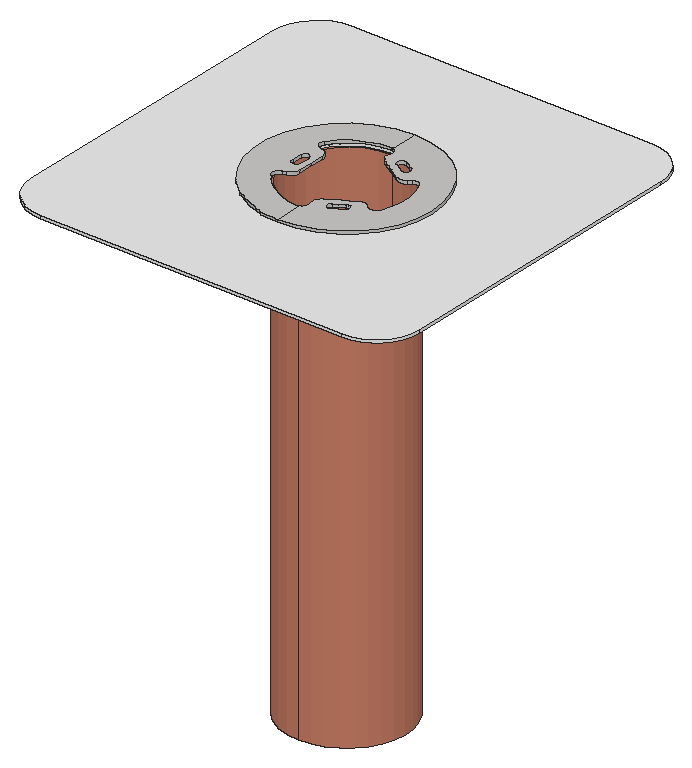
Revit family "Plumbing_Drainage_Menzies-Metal_Clamp-Tite_Overflow-Scupper-Drain_TPO", category Plumbing Fixtures, host Face, Revit 2018
Family settings
  Host = Face
  Round Connector Dimension = Use Diameter
  Part Type = Normal
  OmniClass Number = 23.70.50.21.24.11
  OmniClass Title = Roof Waste Water Drains
  Cut with Voids When Loaded = No
  Shared = No
  Room Calculation Point = No
Parameters (values of type "3"")
  Weight = 2.10 lbf
  URL = "https://www.menzies-metal.com/tpo-products/clamp-tite-overflow-scupper-drain-tpo/"
  Product data url = "https://www.bimobject.com/menzies-metal/product/clamptite-overflow-scupper-drain-tpo"
  Product Material = Metal - Menzies Metal Products - Copper
  Product Guid = "ea79d50d-b752-4271-8b4b-809d51799292"
  Pipe Length Note = "Longer pipes available.  Pipes can be field cut to the desired length."  # constant formula
  Pipe Length = 11"
  Pipe Diameter = 2 3/4"
  Model = "300-3170TPO"
  Manufacturer = "Menzies Metal Products"  # constant formula
  Edition number = 1
  Drain Flow = 0 GPM
  Description = "Clamp-Tite Overflow Scupper Drain TPO"  # constant formula
  Default Elevation = 48"
  Assembly Code = "D2040200"
Reference planes (in)
  plane 1 "Center (Front/Back)": y = 0
  plane 2: z = 0
  plane 3 "Center (Left/Right)": x = 0
  plane 4: z = -11
  plane 5: y = 1.375
  plane 6: y = -1.375
  plane 7: z = 0
  plane 8: z = 0.05867
  plane 9: z = -0.2
  plane 10: z = -0.2
  plane 11: y = 4.5
  plane 12: x = 4.5
  plane 13: y = -4.5
  plane 14: x = -4.5
Forms (in)
  Revolve 1, solid, material "Metal - Menzies Metal Products - Copper" <- "Product Material", detail levels coarse
    sketch origin (0, 0, 0) x (0, 1, 0) y (0, 0, 1)
      loop
        line (0, 0.05867) -> (0, -11) -> (1.375, -11) -> (1.375, 0.05867) -> (0, 0.05867)
      axis (0, 0.05867) -> (0, -11)
    angle from 0 to 360
  Revolve 2, solid, material "Metal - Menzies Metal Products - Copper" <- "Product Material", detail levels medium+fine
    sketch origin (0, 0, 0) x (0, 1, 0) y (0, 0, 1)
      loop
        line (1.375, -0.2) -> (1.575, 0) -> (1.32422, 0) -> (1.32422, -11) -> (1.375, -11) -> (1.375, -0.2)
      axis (0, 0) -> (0, -11)
    angle from 0 to 360
  Revolve 3, void
    sketch origin (0, 0, 0) x (0, 1, 0) y (0, 0, 1)
      loop
        line (1.375, -11) -> (1.375, -0.2) -> (1.575, 0) -> (0, 0) -> (0, -11) -> (1.375, -11)
      axis (0, 0) -> (0, -11)
    angle from 0 to 360
  Revolve 4, solid, material "Metal - Menzies Metal Products - Stainless Steel", detail levels medium+fine
    sketch origin (0, 0, 0) x (0, 1, 0) y (0, 0, 1)
      loop
        line (0, 0.05867) -> (2, 0.05867) -> (2, 0.11968) -> (0, 0.11968) -> (0, 0.05867)
      axis (0, 0.11968) -> (0, 0.05867)
    angle from 0 to 360
  Revolve 5, solid, material "Metal - Menzies Metal Products - Stainless Steel", detail levels coarse
    sketch origin (0, 0, 0) x (1, 0, 0) y (0, 0, 1)
      loop
        line (0, 0.05867) -> (0, 0.11968) -> (-2, 0.11968) -> (-2, 0.05867) -> (0, 0.05867)
      axis (0, 0.11968) -> (0, 0.05867)
    angle from 0 to 360
  Revolve 6, solid, material "Metal - Menzies Metal Products - Stainless Steel", detail levels coarse
    sketch origin (0, 0, 0) x (1, 0, 0) y (0, 0, 1)
      loop
        line (0, 0.05867) -> (0, 0.11968) -> (-2, 0.11968) -> (-2, 0.05867) -> (0, 0.05867)
      axis (0, 0.11968) -> (0, 0.05867)
    angle from 0 to 360
  Extrusion 7, void
    sketch origin (0, 0, 0.11968) x (0, 1, 0) y (-1, 0, 0)
      loop
        arc (1.37419, 0.04732) -> (1.20478, 0.66267) -> (0.77579, 1.13524) r 1.375
        arc (0.77579, 1.13524) -> (0.64269, 1.15335) -> (0.54846, 1.05761) r 0.15
        line (0.54846, 1.05761) -> (0.51606, 0.95759)
        arc (0.51606, 0.95759) -> (0.44343, 0.85747) -> (0.32579, 0.81921) r 0.2
        line (0.32579, 0.81921) -> (0, 0.81921) -> (-0.32772, 0.81921)
        arc (-0.32772, 0.81921) -> (-0.44587, 0.85784) -> (-0.51838, 0.9588) r 0.2
        line (-0.51838, 0.9588) -> (-0.54919, 1.05601)
        arc (-0.54919, 1.05601) -> (-0.64333, 1.15252) -> (-0.77693, 1.13446) r 0.15
        arc (-0.77693, 1.13446) -> (-1.20511, 0.66207) -> (-1.37419, 0.04732) r 1.375
        arc (-1.37419, 0.04732) -> (-1.31766, -0.07522) -> (-1.18555, -0.10275) r 0.15
        line (-1.18555, -0.10275) -> (-1.12753, -0.08725)
        arc (-1.12753, -0.08725) -> (-1.00179, -0.09471) -> (-0.90545, -0.17584) r 0.2
        line (-0.90545, -0.17584) -> (-0.73639, -0.45125) -> (-0.56944, -0.72322)
        arc (-0.56944, -0.72322) -> (-0.54057, -0.84433) -> (-0.58895, -0.95906) r 0.2
        line (-0.58895, -0.95906) -> (-0.63369, -1.01052)
        arc (-0.63369, -1.01052) -> (-0.66724, -1.13993) -> (-0.58421, -1.24472) r 0.15
        arc (-0.58421, -1.24472) -> (0, -1.375) -> (0.58421, -1.24472) r 1.375
        arc (0.58421, -1.24472) -> (0.66724, -1.13993) -> (0.63369, -1.01052) r 0.15
        line (0.63369, -1.01052) -> (0.58895, -0.95906)
        arc (0.58895, -0.95906) -> (0.54057, -0.84433) -> (0.56944, -0.72322) r 0.2
        line (0.56944, -0.72322) -> (0.73639, -0.45125) -> (0.90545, -0.17584)
        arc (0.90545, -0.17584) -> (1.00179, -0.09471) -> (1.12753, -0.08725) r 0.2
        line (1.12753, -0.08725) -> (1.18555, -0.10275)
        arc (1.18555, -0.10275) -> (1.31766, -0.07522) -> (1.37419, 0.04732) r 0.15
      loop
        line (0.93215, -0.41953) -> (0.79872, -0.63664)
        arc (0.79872, -0.63664) -> (0.83153, -0.77394) -> (0.96881, -0.74105) r 0.09979
        line (0.96881, -0.74105) -> (1.09644, -0.53286)
        arc (1.09644, -0.53286) -> (1.07096, -0.39406) -> (0.93215, -0.41953) r 0.09979
      loop
        arc (-0.93215, -0.41953) -> (-1.07096, -0.39406) -> (-1.09644, -0.53286) r 0.09979
        line (-1.09644, -0.53286) -> (-0.96881, -0.74105)
        arc (-0.96881, -0.74105) -> (-0.83153, -0.77394) -> (-0.79872, -0.63664) r 0.09979
        line (-0.79872, -0.63664) -> (-0.93215, -0.41953)
      loop
        line (-0.13105, 0.95861) -> (0.12378, 0.95841)
        arc (0.12378, 0.95841) -> (0.22365, 1.05818) -> (0.12382, 1.15799) r 0.09979
        line (0.12382, 1.15799) -> (-0.12037, 1.1579)
        arc (-0.12037, 1.1579) -> (-0.22536, 1.0636) -> (-0.13105, 0.95861) r 0.09979
    from -0.06101 to 0.84689
  Extrusion 8, solid, material "Metal - Menzies Metal Products - Copper TPO Coated", detail levels medium+fine
    sketch origin (0, 0, 0) x (1, 0, 0) y (0, 1, 0)
      loop
        arc (-3.5, 4.5) -> (-4.20711, 4.20711) -> (-4.5, 3.5) r 1
        line (-4.5, 3.5) -> (-4.5, -3.5)
        arc (-4.5, -3.5) -> (-4.20711, -4.20711) -> (-3.5, -4.5) r 1
        line (-3.5, -4.5) -> (3.5, -4.5)
        arc (3.5, -4.5) -> (4.20711, -4.20711) -> (4.5, -3.5) r 1
        line (4.5, -3.5) -> (4.5, 3.5)
        arc (4.5, 3.5) -> (4.20711, 4.20711) -> (3.5, 4.5) r 1
        line (3.5, 4.5) -> (-3.5, 4.5)
      loop
        circle (0, 0) r 1.375
    from 0 to 0.05867
  Revolve 9, solid, material "Metal - Menzies Metal Products - Copper", detail levels coarse
    sketch origin (0, 0, 0) x (1, 0, 0) y (0, 0, 1)
      loop
        line (0, 0) -> (-1.375, 0) -> (-1.375, -11) -> (0, -11) -> (0, 0)
      axis (0, 0) -> (0, -11)
    angle from 0 to 360
  Extrusion 10, solid, material "Metal - Menzies Metal Products - Copper TPO Coated", detail levels coarse
    sketch origin (0, 0, 0) x (1, 0, 0) y (0, 1, 0)
      loop
        line (-4.5, 4.5) -> (-4.5, -4.5) -> (4.5, -4.5) -> (4.5, 4.5) -> (-4.5, 4.5)
    from 0 to 0.05867
Cuts and joins
  Extrusion 7 cuts Revolve 4
Lines and regions (in)
  Masking region 1, detail levels medium+fine
    outline origin (0, 0, 0) x (1, 0, 0) y (0, 1, 0)
      loop
        arc (-3.5, 4.5) -> (-4.20711, 4.20711) -> (-4.5, 3.5) r 1
        line (-4.5, 3.5) -> (-4.5, -3.5)
        arc (-4.5, -3.5) -> (-4.20711, -4.20711) -> (-3.5, -4.5) r 1
        line (-3.5, -4.5) -> (3.5, -4.5)
        arc (3.5, -4.5) -> (4.20711, -4.20711) -> (4.5, -3.5) r 1
        line (4.5, -3.5) -> (4.5, 3.5)
        arc (4.5, 3.5) -> (4.20711, 4.20711) -> (3.5, 4.5) r 1
        line (3.5, 4.5) -> (-3.5, 4.5)
  Masking region 2, detail levels coarse
    outline origin (0, 0, 0) x (1, 0, 0) y (0, 1, 0)
      loop
        line (-4.5, 4.5) -> (-4.5, -4.5) -> (4.5, -4.5) -> (4.5, 4.5) -> (-4.5, 4.5)
  symbolic lines
    curve 1: arc (-2, 0, 0) -> (0, 2, 0) -> (2, 0, 0) r 2
    curve 2: arc (2, 0, 0) -> (0, -2, 0) -> (-2, 0, 0) r 2
  symbolic lines, detail levels medium+fine
    curve 3: arc (-1.13446, -0.77693, 0) -> (-0.66207, -1.20511, 0) -> (-0.04732, -1.37419, 0) r 1.375
    curve 4: arc (-0.04732, -1.37419, 0) -> (0.07522, -1.31766, 0) -> (0.10275, -1.18555, 0) r 0.15
    curve 5: line (0.10275, -1.18555, 0) -> (0.08725, -1.12753, 0)
    curve 6: arc (0.08725, -1.12753, 0) -> (0.09471, -1.00179, 0) -> (0.17584, -0.90545, 0) r 0.2
    curve 7: line (0.17584, -0.90545, 0) -> (0.45125, -0.73639, 0)
    curve 8: line (0.45125, -0.73639, 0) -> (0.72322, -0.56944, 0)
    curve 9: arc (0.72322, -0.56944, 0) -> (0.84433, -0.54057, 0) -> (0.95906, -0.58895, 0) r 0.2
    curve 10: line (0.95906, -0.58895, 0) -> (1.01052, -0.63369, 0)
    curve 11: arc (1.01052, -0.63369, 0) -> (1.13993, -0.66724, 0) -> (1.24472, -0.58421, 0) r 0.15
    curve 12: arc (1.24472, -0.58421, 0) -> (1.375, 0, 0) -> (1.24472, 0.58421, 0) r 1.375
    curve 13: arc (1.24472, 0.58421, 0) -> (1.13993, 0.66724, 0) -> (1.01052, 0.63369, 0) r 0.15
    curve 14: line (1.01052, 0.63369, 0) -> (0.95906, 0.58895, 0)
    curve 15: arc (0.95906, 0.58895, 0) -> (0.84433, 0.54057, 0) -> (0.72322, 0.56944, 0) r 0.2
    curve 16: line (0.72322, 0.56944, 0) -> (0.45125, 0.73639, 0)
    curve 17: line (0.45125, 0.73639, 0) -> (0.17584, 0.90545, 0)
    curve 18: arc (0.17584, 0.90545, 0) -> (0.09471, 1.00179, 0) -> (0.08725, 1.12753, 0) r 0.2
    curve 19: line (0.08725, 1.12753, 0) -> (0.10275, 1.18555, 0)
    curve 20: arc (0.10275, 1.18555, 0) -> (0.07522, 1.31766, 0) -> (-0.04732, 1.37419, 0) r 0.15
    curve 21: arc (-0.04732, 1.37419, 0) -> (-0.66267, 1.20478, 0) -> (-1.13524, 0.77579, 0) r 1.375
    curve 22: arc (-1.13524, 0.77579, 0) -> (-1.15335, 0.64269, 0) -> (-1.05761, 0.54846, 0) r 0.15
    curve 23: line (-1.05761, 0.54846, 0) -> (-0.95759, 0.51606, 0)
    curve 24: arc (-0.95759, 0.51606, 0) -> (-0.85747, 0.44343, 0) -> (-0.81921, 0.32579, 0) r 0.2
    curve 25: line (-0.81921, 0.32579, 0) -> (-0.81921, 0, 0)
    curve 26: line (-0.81921, 0, 0) -> (-0.81921, -0.32772, 0)
    curve 27: arc (-0.81921, -0.32772, 0) -> (-0.85784, -0.44587, 0) -> (-0.9588, -0.51838, 0) r 0.2
    curve 28: line (-0.9588, -0.51838, 0) -> (-1.05601, -0.54919, 0)
    curve 29: arc (-1.05601, -0.54919, 0) -> (-1.15252, -0.64333, 0) -> (-1.13446, -0.77693, 0) r 0.15
    curve 30: arc (-1.1579, -0.12037, 0) -> (-1.0636, -0.22536, 0) -> (-0.95861, -0.13105, 0) r 0.09979
    curve 31: line (-0.95861, -0.13105, 0) -> (-0.95841, 0.12378, 0)
    curve 32: line (-1.15799, 0.12382, 0) -> (-1.1579, -0.12037, 0)
    curve 33: arc (-0.95841, 0.12378, 0) -> (-1.05818, 0.22365, 0) -> (-1.15799, 0.12382, 0) r 0.09979
    curve 34: line (0.41953, 0.93215, 0) -> (0.63664, 0.79872, 0)
    curve 35: arc (0.53286, 1.09644, 0) -> (0.39406, 1.07096, 0) -> (0.41953, 0.93215, 0) r 0.09979
    curve 36: line (0.74105, 0.96881, 0) -> (0.53286, 1.09644, 0)
    curve 37: arc (0.63664, 0.79872, 0) -> (0.77394, 0.83153, 0) -> (0.74105, 0.96881, 0) r 0.09979
    curve 38: arc (0.74105, -0.96881, 0) -> (0.77394, -0.83153, 0) -> (0.63664, -0.79872, 0) r 0.09979
    curve 39: line (0.63664, -0.79872, 0) -> (0.41953, -0.93215, 0)
    curve 40: line (0.53286, -1.09644, 0) -> (0.74105, -0.96881, 0)
    curve 41: arc (0.41953, -0.93215, 0) -> (0.39406, -1.07096, 0) -> (0.53286, -1.09644, 0) r 0.09979
Dimensions and locks (in)
  equal spacing: plane 5, plane 1 "Center (Front/Back)", plane 6
  "Pipe Diameter": plane 5 to plane 6
  locked: plane 5 to Revolve 2 sketch curve at 0.05078
  level to Revolve 3 sketch curve = 0.2"
  "Pipe Length": plane 7 to plane 4
  Revolve 4 sketch curve to plane 1 "Center (Front/Back)" = 2"
  equal spacing: plane 14, plane 3 "Center (Left/Right)", plane 12
  equal spacing: plane 11, plane 1 "Center (Front/Back)", plane 13
  plane 11 to plane 13 = 9"
  plane 14 to plane 12 = 9"
  aligned and locked: plane 2 to host face
  aligned and locked: level to host face
  aligned and locked: Revolve 1 sketch curve to plane 4
  aligned and locked: Revolve 1 sketch curve to plane 5
  aligned and locked: Revolve 2 sketch curve to plane 4
  aligned and locked: Revolve 3 sketch curve to plane 4
  aligned and locked: Revolve 3 sketch curve to plane 1 "Center (Front/Back)"
  aligned and locked: plane 5 to Revolve 3 sketch curve
  aligned and locked: plane 7 to level
  aligned and locked: Revolve 5 sketch curve to Revolve 4
  aligned and locked: Revolve 5 sketch curve to plane 3 "Center (Left/Right)"
  aligned and locked: Revolve 5 to Revolve 6 sketch curve
  aligned and locked: Revolve 6 sketch curve to plane 3 "Center (Left/Right)"
  aligned and locked: plane 8 to Revolve 1
  aligned and locked: plane 1 "Center (Front/Back)" to Revolve 4 sketch curve
  aligned and locked: Extrusion 7 sketch curve to Revolve 2  (x3)
  aligned and locked: level to Revolve 2 sketch curve
  aligned and locked: plane 10 to Revolve 2 sketch curve
  aligned and locked: Extrusion 8 sketch curve to plane 11
  aligned and locked: Extrusion 8 sketch curve to plane 14
  aligned and locked: Extrusion 8 sketch curve to plane 12
  aligned and locked: Extrusion 8 to Revolve 5
  aligned and locked: Revolve 9 sketch curve to Revolve 2  (x2)
  aligned and locked: Revolve 9 sketch curve to Revolve 1
  aligned and locked: Revolve 9 sketch curve to plane 3 "Center (Left/Right)"
  aligned and locked: Extrusion 10 sketch curve to Extrusion 8  (x4)
  aligned and locked: Extrusion 10 to Revolve 1
Automatic sketch dimensions
  host sketch curve to host sketch curve = 72.78718"
  host sketch curve to host sketch curve = 77.68638"
  Revolve 5 sketch curve to Revolve 5 sketch curve = 2"
  Revolve 5 sketch curve to plane 4 = 11.05867"
  Revolve 5 sketch curve to Revolve 5 sketch curve = 102.59914"
  Revolve 6 sketch curve to plane 4 = 13"
  Revolve 6 sketch curve to Revolve 6 sketch curve = 102.59914"
  Revolve 3 sketch curve to plane 1 "Center (Front/Back)" = 0"
  Revolve 3 sketch curve to level = 0"
  Revolve 3 sketch curve to plane 5 = 0.2"
  Revolve 3 sketch curve to plane 4 = 11.05867"
  plane 8 to Revolve 3 sketch curve = 92.21719"
  Revolve 1 sketch curve to plane 1 "Center (Front/Back)" = 0"  (x2)
  Revolve 1 sketch curve to plane 8 = 0"
  Revolve 1 sketch curve to plane 4 = 7.17947"
  Revolve 1 sketch curve to Revolve 1 sketch curve = 92.21719"
  Revolve 5 sketch curve to plane 8 = 0"
  Revolve 5 sketch curve to plane 3 "Center (Left/Right)" = 0"
  Revolve 6 sketch curve to plane 3 "Center (Left/Right)" = 0"
  Revolve 6 sketch curve to plane 8 = 0"
  Revolve 4 sketch curve to plane 1 "Center (Front/Back)" = 0"
  Revolve 4 sketch curve to plane 8 = 0"
  Revolve 4 sketch curve to Revolve 4 sketch curve = 0.06101"
  Revolve 4 sketch curve to plane 4 = 12"
  Revolve 4 sketch curve to Revolve 4 sketch curve = 92.15618"
  Extrusion 7 sketch curve to Extrusion 7 sketch curve = 0"
  Extrusion 7 sketch curve to Extrusion 7 sketch curve = 0.12386"
  Extrusion 7 sketch curve to Revolve 4 = 1.15799"
  Extrusion 7 sketch curve to Extrusion 7 sketch curve = 0.00004"
  Extrusion 7 sketch curve to Revolve 4 = 0.95841"
  Extrusion 7 sketch curve to Extrusion 7 sketch curve = 0.00008"
  Extrusion 7 sketch curve to Extrusion 7 sketch curve = 0.45154"
  Extrusion 7 sketch curve to Revolve 4 = 1.1579"
  Extrusion 7 sketch curve to Extrusion 7 sketch curve = 0.24419"
  Extrusion 7 sketch curve to Revolve 4 = 0.9588"
  Extrusion 7 sketch curve to Extrusion 7 sketch curve = 0.19066"
  Extrusion 7 sketch curve to Extrusion 7 sketch curve = 0.52048"
  Extrusion 7 sketch curve to Extrusion 7 sketch curve = 0.00534"  (x2)
  Extrusion 7 sketch curve to Revolve 4 = 0.95861"
  Extrusion 7 sketch curve to Revolve 4 = 1.05601"
  Extrusion 7 sketch curve to Extrusion 7 sketch curve = 0.03081"
  Revolve 4 to Extrusion 7 sketch curve = 0.72322"  (x2)
  Extrusion 7 sketch curve to Extrusion 7 sketch curve = 0.04896"  (x2)
  Revolve 4 to Extrusion 7 sketch curve = 0.95906"  (x2)
  Extrusion 7 sketch curve to Extrusion 7 sketch curve = 0.06847"  (x2)
  Revolve 4 to Extrusion 7 sketch curve = 1.01052"  (x2)
  Extrusion 7 sketch curve to Extrusion 7 sketch curve = 0.04473"  (x2)
  Extrusion 7 sketch curve to Extrusion 7 sketch curve = 0.14299"
  Revolve 4 to Extrusion 7 sketch curve = 0.45125"  (x2)
  Extrusion 7 sketch curve to Extrusion 7 sketch curve = 0.16695"  (x2)
  Extrusion 7 sketch curve to Extrusion 7 sketch curve = 0.15094"  (x2)
  Revolve 4 to Extrusion 7 sketch curve = 0.63664"  (x2)
  Extrusion 7 sketch curve to Extrusion 7 sketch curve = 0.06233"  (x2)
  Extrusion 7 sketch curve to Extrusion 7 sketch curve = 0.08502"  (x2)
  Revolve 4 to Extrusion 7 sketch curve = 0.17584"  (x2)
  Extrusion 7 sketch curve to Extrusion 7 sketch curve = 0.16906"  (x2)
  Revolve 4 to Extrusion 7 sketch curve = 0.41953"  (x2)
  Extrusion 7 sketch curve to Extrusion 7 sketch curve = 0.19576"  (x2)
  Revolve 4 to Extrusion 7 sketch curve = 0.74105"  (x2)
  Extrusion 7 sketch curve to Extrusion 7 sketch curve = 0.08508"  (x2)
  Extrusion 7 sketch curve to Extrusion 7 sketch curve = 0.08214"  (x4)
  Extrusion 7 sketch curve to Extrusion 7 sketch curve = 0.17045"  (x2)
  Revolve 4 to Extrusion 7 sketch curve = 0.53286"  (x2)
  Revolve 4 to Extrusion 7 sketch curve = 0.08725"  (x2)
  Extrusion 7 sketch curve to Extrusion 7 sketch curve = 0.05163"  (x2)
  Revolve 4 to Extrusion 7 sketch curve = 0.10275"  (x2)
  Extrusion 7 sketch curve to Extrusion 7 sketch curve = 0.05802"  (x2)
  Extrusion 7 sketch curve to Revolve 4 = 0.04216"  (x2)
  Extrusion 7 sketch curve to Extrusion 7 sketch curve = 0.03872"  (x2)
  Extrusion 7 sketch curve to Extrusion 7 sketch curve = 0.32579"
  Extrusion 7 sketch curve to Revolve 4 = 0.95759"
  Extrusion 7 sketch curve to Extrusion 7 sketch curve = 0.19027"
  Extrusion 7 sketch curve to Extrusion 7 sketch curve = 1.04096"
  Extrusion 7 sketch curve to Revolve 4 = 1.05761"
  Extrusion 7 sketch curve to Extrusion 7 sketch curve = 0.03239"
  Extrusion 7 sketch curve to Extrusion 7 sketch curve = 0.1427"
  Extrusion 7 sketch curve to Extrusion 7 sketch curve = 0.09841"  (x2)
  Extrusion 7 sketch curve to Extrusion 7 sketch curve = 0.33878"
  Extrusion 7 sketch curve to Extrusion 7 sketch curve = 0.04531"
  Extrusion 7 sketch curve to Extrusion 7 sketch curve = 0.04622"
  Revolve 6 sketch curve to plane 3 "Center (Left/Right)" = 2"
  Revolve 2 sketch curve to plane 1 "Center (Front/Back)" = 0"
  Revolve 2 sketch curve to plane 5 = 0.2"
  Revolve 2 sketch curve to plane 4 = 20.25"
  plane 8 to Revolve 2 sketch curve = 92.21719"
  plane 13 to Extrusion 8 sketch curve = 0"
  Extrusion 8 sketch curve to plane 14 = 1"
  Extrusion 8 sketch curve to plane 6 = 2.125"
  Extrusion 8 sketch curve to plane 12 = 1"
  Extrusion 8 sketch curve to plane 11 = 1"
  Revolve 2 sketch curve to plane 5 = 0"
  Revolve 9 sketch curve to Revolve 9 sketch curve = 1.375"
  Revolve 9 sketch curve to plane 4 = 13"
  plane 8 to Revolve 9 sketch curve = 102.66016"
  curve 1 to curve 2 = 0"  (x2)
  curve 1 to curve 3 = 0"  (x2)
  curve 1 to curve 12 = 0"  (x2)
  curve 1 to curve 21 = 0"  (x2)
  curve 2 to curve 3 = 0"  (x2)
  curve 2 to curve 12 = 0"  (x2)
  curve 2 to curve 21 = 0"  (x2)
  curve 3 to curve 12 = 0"  (x2)
  curve 3 to curve 21 = 0"  (x2)
  curve 12 to curve 21 = 0"  (x2)
  plane 1 "Center (Front/Back)" to curve 1 = 0"
  plane 1 "Center (Front/Back)" to curve 25 = 0"
  curve 3 to plane 3 "Center (Left/Right)" = 0"
  curve 4 to plane 3 "Center (Left/Right)" = 0.04216"
  curve 20 to plane 3 "Center (Left/Right)" = 0.04216"
  plane 1 "Center (Front/Back)" to curve 26 = 0.32772"
  curve 26 to plane 3 "Center (Left/Right)" = 0.81921"
  curve 23 to plane 1 "Center (Front/Back)" = 0.51606"
  curve 23 to curve 24 = 0.13838"
  curve 31 to plane 1 "Center (Front/Back)" = 0.12378"
  curve 31 to curve 25 = 0.1392"
  plane 1 "Center (Front/Back)" to curve 31 = 0.13105"
  curve 31 to curve 25 = 0.13939"
  plane 1 "Center (Front/Back)" to curve 28 = 0.51838"
  curve 28 to curve 26 = 0.13958"
  curve 29 to curve 27 = 0.0519"
  curve 22 to curve 24 = 0.05381"
  curve 24 to curve 25 = 0.2"
  plane 1 "Center (Front/Back)" to curve 28 = 0.54919"
  curve 28 to curve 27 = 0.09722"
  curve 23 to curve 24 = 0.10002"
  curve 33 to curve 31 = 0.09979"
  curve 30 to curve 30 = 0.09965"
  plane 1 "Center (Front/Back)" to curve 32 = 0.12037"
  curve 32 to curve 30 = 0.09965"
  curve 32 to plane 1 "Center (Front/Back)" = 0.12382"
  curve 32 to curve 33 = 0.09979"
  plane 3 "Center (Left/Right)" to curve 19 = 0.08725"
  plane 3 "Center (Left/Right)" to curve 5 = 0.08725"
  curve 19 to curve 19 = 0.0155"
  curve 6 to curve 5 = 0.0155"
  plane 3 "Center (Left/Right)" to curve 17 = 0.17584"
  plane 3 "Center (Left/Right)" to curve 7 = 0.17584"
  curve 6 to curve 6 = 0.19322"
  curve 18 to curve 18 = 0.10463"
  curve 6 to curve 39 = 0.13906"
  curve 18 to curve 34 = 0.13906"
  curve 35 to curve 17 = 0.03172"
  curve 41 to curve 7 = 0.03172"
  curve 41 to curve 41 = 0.05666"
  curve 35 to curve 35 = 0.05666"
  plane 6 to curve 40 = 0.27856"
  curve 41 to curve 40 = 0.05666"
  curve 35 to curve 36 = 0.05666"
  curve 7 to curve 39 = 0.18539"
  curve 17 to curve 34 = 0.18539"
  curve 38 to curve 38 = 0.05225"
  curve 37 to curve 37 = 0.05225"
  curve 34 to curve 16 = 0.08658"
  curve 39 to curve 8 = 0.08658"
  curve 38 to curve 40 = 0.05215"
  plane 5 to curve 36 = 0.40619"
  curve 37 to curve 36 = 0.05215"
  curve 38 to curve 9 = 0.13896"
  curve 37 to curve 15 = 0.13896"
  curve 9 to curve 10 = 0.13121"
  curve 14 to plane 1 "Center (Front/Back)" = 0.58895"
  curve 15 to curve 14 = 0.13121"
  curve 10 to curve 10 = 0.05146"
  curve 15 to curve 14 = 0.05146"
  curve 13 to curve 13 = 0.09841"
  curve 11 to curve 11 = 0.09841"
  plane 6 to curve 5 = 0.24747"
  curve 5 to curve 6 = 0.05802"
  curve 4 to curve 5 = 0.03872"
  curve 6 to curve 6 = 0.05163"
  curve 40 to curve 41 = 0.08214"
  curve 40 to curve 40 = 0.12762"
  curve 40 to curve 38 = 0.08508"
  curve 38 to curve 9 = 0.14384"
  curve 39 to curve 8 = 0.06233"
  curve 29 to curve 28 = 0.14299"
  curve 9 to curve 10 = 0.10621"
  curve 11 to curve 10 = 0.04473"
  curve 11 to curve 11 = 0.11321"
  curve 13 to curve 15 = 0.06847"
  curve 24 to curve 23 = 0.03239"
  curve 16 to curve 14 = 0.01951"
  curve 15 to curve 14 = 0.04473"
  curve 22 to curve 22 = 0.1427"
  curve 15 to curve 17 = 0.16695"
  curve 17 to curve 34 = 0.06233"
  curve 16 to curve 17 = 0.16906"
  curve 16 to curve 34 = 0.19576"
  curve 35 to curve 35 = 0.08214"
  curve 18 to curve 18 = 0.17045"
  curve 19 to curve 19 = 0.05802"
  curve 19 to curve 20 = 0.03872"
  curve 3 to curve 4 = 0"
  curve 21 to curve 20 = 0"
  curve 2 to curve 30 = 0.8421"
  curve 12 to curve 11 = 0"
  Masking region 1 sketch curve to plane 5 = 2.125"
  Masking region 1 sketch curve to plane 3 "Center (Left/Right)" = 4.5"
  Masking region 1 sketch curve to Masking region 1 sketch curve = 1"  (x3)
  plane 3 "Center (Left/Right)" to Masking region 1 sketch curve = 3.5"  (x2)
  Masking region 1 sketch curve to plane 6 = 2.125"
  Masking region 2 sketch curve to plane 3 "Center (Left/Right)" = 4.5"
  plane 3 "Center (Left/Right)" to Masking region 2 sketch curve = 4.5"
  Masking region 2 sketch curve to plane 6 = 3.125"
  Masking region 2 sketch curve to plane 5 = 3.125"
Connectors (in)
  piping at (0, 0, -11), diameter 2.75, driven by "Drain Flow", driven by "Pipe Diameter"
    settings: on Revolve 2, index 1, connector inside diameter 24", connector length 0", flow factor 0, pipe flow 0 GPM, pressure drop 0.00 psi, fitting loss kfactor 0, connector angle 0.00°, fixture units 0, engagement length 0", angle of deflection 0.00°, flow configuration 0, flow direction 2, fitting loss method 0, system type 22, joint type 0, gender type 0, connector reference index -1, connector utility 0, adjustable connector no, is connector primary yes, connector description "Connector for Roof Drain"
